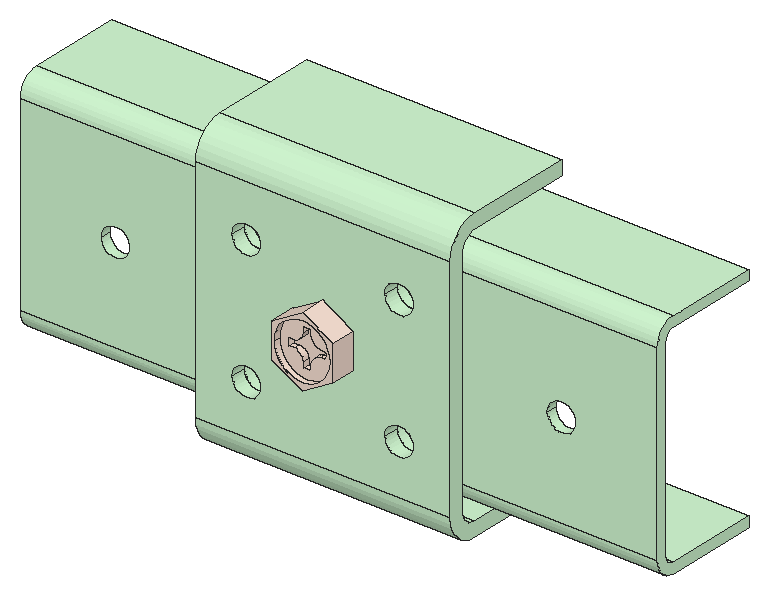
Revit family "powerjoint_c40", category 機械設備, Revit 2022
Family settings
  丸型コネクタ寸法 = 直径を使用
  種別 = なし
  パーツ タイプ = 標準
  作業面ベース = いいえ
  常に垂直 = はい
  ロード時にボイドで切り取り = いいえ
  注釈の向きを維持 = いいえ
  共有 = いいえ
  部屋計算ポイント = いいえ
Parameters
  製造元 = "株式会社桐井製作所"
  既定の高さ = 0 mm
  URL = "https://www.kirii.co.jp/"
  K_品名 = "C40用Powerジョイント"
  K_名称 = "特殊ジョイント"
  K_入数 = "100"
  K_バージョン情報 = "20210714"
Reference planes
  plane 1 "中心(正面/背面)": y = 0
  plane 2: z = 1.6
  plane 3 "中心(左/右)": x = 0
  plane 4: x = 50
  plane 5: x = -50
Forms (mm)
  Extrusion 1, solid
    sketch origin (-11.778, 1.6, 0) x (0, 1, 0) y (0, 0, 1)
      loop
        line (17.1, 18.15) -> (17.1, 19.75) -> (2.4, 19.75)
        arc (2.4, 19.75) -> (0.137, 18.813) -> (-0.8, 16.55) r 3.2
        line (-0.8, 16.55) -> (-0.8, -13.35)
        arc (-0.8, -13.35) -> (0.137, -15.613) -> (2.4, -16.55) r 3.2
        line (2.4, -16.55) -> (17.1, -16.55) -> (17.1, -14.95) -> (2.4, -14.95)
        arc (2.4, -14.95) -> (1.269, -14.481) -> (0.8, -13.35) r 1.6
        line (0.8, -13.35) -> (0.8, 16.55)
        arc (0.8, 16.55) -> (1.269, 17.681) -> (2.4, 18.15) r 1.6
        line (2.4, 18.15) -> (17.1, 18.15)
    from -38.222 to 61.778
  Extrusion 2, solid
    sketch origin (0, 0, 1.5) x (0, 1, 0) y (0, 0, 1)
      loop
        arc (2.5, 22.8) -> (-0.894, 21.394) -> (-2.3, 18) r 4.8
        line (-2.3, 18) -> (-2.3, -18)
        arc (-2.3, -18) -> (-0.894, -21.394) -> (2.5, -22.8) r 4.8
        line (2.5, -22.8) -> (19.5, -22.8) -> (19.5, -20.5) -> (2.5, -20.5)
        arc (2.5, -20.5) -> (0.732, -19.768) -> (0, -18) r 2.5
        line (0, -18) -> (0, 18)
        arc (0, 18) -> (0.732, 19.768) -> (2.5, 20.5) r 2.5
        line (2.5, 20.5) -> (19.5, 20.5) -> (19.5, 22.8) -> (2.5, 22.8)
    from -20 to 20
  Extrusion 3, void
    sketch origin (0, 0, 0) x (1, 0, 0) y (0, 0, 1)
      loop
        circle (0, 1.6) r 3
    from -2.4 to -0.8
  Extrusion 4, void
    sketch origin (0, 0, 1.6) x (1, 0, 0) y (0, 0, 1)
      loop
        circle (12, 9.832) r 2.25
      loop
        circle (12, -10.168) r 2.25
      loop
        circle (-12, -10.168) r 2.25
      loop
        circle (-12, 9.832) r 2.25
    from 0 to 2.3
  Extrusion 5, void
    sketch origin (0, 0, 1.6) x (1, 0, 0) y (0, 0, 1)
      loop
        circle (0, 0) r 3.5
    from 0 to 2.3
  Extrusion 6, void
    sketch origin (0, 0, 1.6) x (1, 0, 0) y (0, 0, 1)
      loop
        circle (-12, 9.832) r 3
      loop
        circle (12, 9.832) r 3
      loop
        circle (12, -10.168) r 3
      loop
        circle (-12, -10.168) r 3
    from -2.4 to -0.8
  Extrusion 7, void
    sketch origin (0, 0, 0) x (1, 0, 0) y (0, 0, 1)
      loop
        circle (-35, 1.6) r 2.25
      loop
        circle (35, 1.6) r 2.25
    from -2.4 to -0.8
  Extrusion 8, solid
    sketch origin (0, 0.8, 1.6) x (1, 0, 0) y (0, 0, 1)
      loop
        circle (0, 0) r 4
      loop
        circle (0, 0) r 3
    from -2.4 to -1.6
Cuts and joins
  Extrusion 3, Extrusion 6, Extrusion 7 cuts Extrusion 1
  Extrusion 4, Extrusion 5 cuts Extrusion 2
Dimensions and locks
  aligned and locked: level to plane 2
Nested families
  nested 1: "M6×20ボルト" at (0.011, -2.355, 1.834), type "M6×20ボルト"
Definition of nested family "M6×20ボルト"
  Parameters (values of type "M6×20ボルト")
    Manufacturer = "株式会社桐井製作所"
    Default Elevation = 0 mm
    URL = "https://www.kirii.co.jp/"
    K_材料規格 = "M6×L20"
    K_品名 = "M6×20ボルト"
    K_名称 = "ボルト"
  Reference planes
    plane 1 "中心(正面/背面)": y = 0
    plane 2: z = 0
    plane 3 "中心(左/右)": x = 0
    plane 4 "正面": y = -4
  Forms (mm)
    Extrusion 1, solid
      sketch origin (0, 0, 0) x (1, 0, 0) y (0, 0, 1)
        loop
          line (-4.763, -2.946) -> (0, -5.696) -> (4.763, -2.946) -> (4.763, 2.554) -> (0, 5.304) -> (-4.763, 2.554) -> (-4.763, -2.946)
      from 0 to 4
    Extrusion 2, void
      sketch origin (0, -4, 0) x (-1, 0, 0) y (0, 0, 1)
        loop
          circle (0, -0.156) r 4.396
      from 0 to 1
    Extrusion 3, void
      sketch origin (0, -4, 0) x (-1, 0, 0) y (0, 0, 1)
        loop
          arc (-0.6, 1.814) -> (-1.069, 0.856) -> (-2.036, 0.404) r 1.605
          line (-2.036, 0.404) -> (-2.939, 0.404)
          arc (-2.939, 0.404) -> (-3, -0.195) -> (-2.94, -0.795) r 3
          line (-2.94, -0.795) -> (-2.049, -0.795)
          arc (-2.049, -0.795) -> (-1.074, -1.243) -> (-0.6, -2.206) r 1.605
          line (-0.6, -2.206) -> (-0.6, -3.135)
          arc (-0.6, -3.135) -> (0, -3.196) -> (0.6, -3.135) r 3
          line (0.6, -3.135) -> (0.6, -2.206)
          arc (0.6, -2.206) -> (1.074, -1.243) -> (2.049, -0.795) r 1.605
          line (2.049, -0.795) -> (2.94, -0.795)
          arc (2.94, -0.795) -> (3, -0.198) -> (2.941, 0.398) r 3
          line (2.941, 0.398) -> (2.117, 0.398)
          arc (2.117, 0.398) -> (1.098, 0.828) -> (0.6, 1.814) r 1.605
          line (0.6, 1.814) -> (0.6, 2.743)
          arc (0.6, 2.743) -> (0, 2.804) -> (-0.6, 2.743) r 3
          line (-0.6, 2.743) -> (-0.6, 1.814)
      from 0 to 2
    Extrusion 4, solid
      sketch origin (0, 0, 0) x (1, 0, 0) y (0, 0, 1)
        loop
          circle (-0.011, -0.2) r 3
      from 0 to -20
  Cuts and joins
    Extrusion 2, Extrusion 3 cuts Extrusion 1
    joined: Extrusion 1, Extrusion 4
  Dimensions and locks
    aligned and locked: level to plane 2
